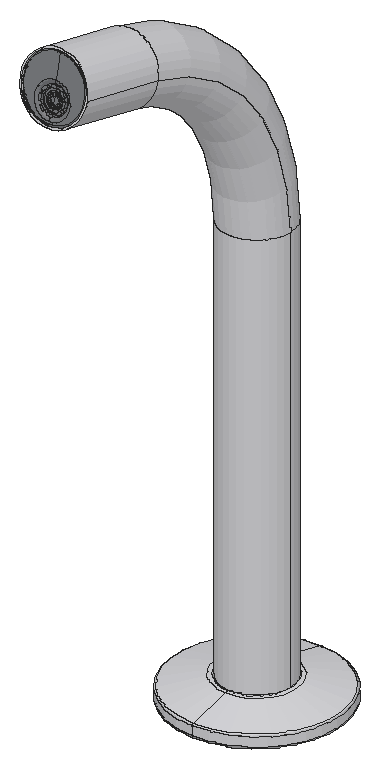
Revit family "Faucet-Touchless-Wall_Mount-Lavatory-KOHLER-Components-K-123MT39", category Plumbing Fixtures, host Face, Revit 2021
Family settings
  Host = Face
  Round Connector Dimension = Use Diameter
  Part Type = Normal
  OmniClass Number = 23.31.11.00
  OmniClass Title = Faucets
  Cut with Voids When Loaded = No
  Shared = No
  Room Calculation Point = No
Parameters (values of type "CP-Polished Chrome")
  Width = 2.3622"  # constant formula
  WaterSense Certified = 1 = 0  # no
  Waste Water Outlet = "Waste Water Outlet"  # constant formula
  Waste Connection = 1 = 0  # no
  Voltage = 220 V  # constant formula
  Vent Connection = 1 = 0  # no
  URL = "https://www.us.kohler.com/us/"
  Type = 1
  Spout Reach = 9.50394"  # constant formula
  Product Page URL = "http://www.us.kohler.com/us/catalog/productDetails.jsp?productNumber=123MT39-SANA"
  Product Name = "Components"  # constant formula
  Product Documentation Link = "https://www.us.kohler.com/webassets/kpna/catalog/pdf/en/K-123MT39-SANA_spec_US-CA_Kohler_en.pdf"
  Pressure = 0.00 psi
  Model = "K-123MT39-SANA-CP"  # constant formula
  Material = "Premium Metal Construction"  # constant formula
  Master Format 2014 Name = "Residential Faucets, Supplies, and Trim"  # constant formula
  Master Format 2014 = "22 41 39"  # constant formula
  Manufacturer Address = "444 Highland Dr, Kohler, WI 53044"  # constant formula
  Manufacturer = "Kohler Co."  # constant formula
  Length = Spout Reach  # 9.50394"
  Hot Water Inlet = "Hot Water Inlet"  # constant formula
  Height = 2.3622"  # constant formula
  HW Connection = 1 = 0  # no
  Flow Rate = 0.5 GPM  # constant formula
  Finish = Kohler-Metal-CP-Polished_Chrome
  Environmental Product Declaration = ""
  Electrical Note = "One Dedicated Circuit Required"  # constant formula
  Electrical Connector = 1 = 1  # yes
  Drain Included = 1 = 1  # yes
  Description = "Tube Wall Mount LL 0.5 GPM Base (AC)- Cold Only"  # constant formula
  Default Elevation = 36"
  Declare Label = ""
  Date Modified = "01/15/2023"  # constant formula
  Date Created = "01/15/2023"  # constant formula
  Copyright = "Copyright Kohler Co."  # constant formula
  Contact Us = "https://www.us.kohler.com/us/static/contact.jsp"
  Cold Water Inlet = "Cold Water Inlet"  # constant formula
  CW Connection = 1 = 1  # yes
  Assembly Code = "D2010"
  Apparent Load = 0 VA
  ADA Compliant = 1 = 0  # no
Reference planes (in)
  plane 1 "Center (Front/Back)": y = 0
  plane 2: z = 0
  plane 3 "Center (Left/Right)": x = 0
  plane 4: y = 1.1811024
  plane 5: x = 1.1811024
  plane 6: x = -1.1811024
  plane 7: y = -1.1811024
  plane 8: y = -3.7716535
  plane 9: x = -0.492126
  plane 10: x = 0.492126
  plane 11: y = -3.8278338
  plane 12: z = 10.1299213
  plane 13: z = 9.503937
  plane 14: z = 0.3307087
  plane 15: y = -0.6043788
Dimensions and locks (in)
  "Height": plane 4 to plane 7
  "Width": plane 6 to plane 5
  plane 1 "Center (Front/Back)" to plane 8 = 3.77165"
  "Length": plane 13 to level
  plane 9 to plane 10 = 0.98425"
  level to plane 12 = 10.12992"
  plane 14 to level = 0.33071"
  aligned and locked: plane 2 to host face
  aligned and locked: level to host face
  aligned and locked: plane 3 "Center (Left/Right)" to nested 1
  aligned and locked: plane 1 "Center (Front/Back)" to nested 1
  aligned and locked: plane 6 to nested 1
  aligned and locked: plane 5 to nested 1
  aligned and locked: plane 4 to nested 1
  aligned and locked: plane 7 to nested 1
  aligned and locked: plane 9 to nested 1
  aligned and locked: plane 10 to nested 1
  aligned and locked: plane 8 to nested 1
  aligned and locked: plane 11 to nested 1
Automatic sketch dimensions
  host sketch curve to host sketch curve = 96"  (x2)
Nested families (in)
  nested 1: "K-123MT39" at (0, 0, 0), type "K-123MT39"
Connectors (in)
  piping at (0, 0, 0), diameter 0.5, driven by "Flow Rate", driven by "CW Connection", driven by "Cold Water Inlet"
    settings: on nested 1, index 1, connector inside diameter 24", connector length 0", flow factor 0, pipe flow 0.5 GPM, pressure drop 0.00 psi, fitting loss kfactor 0, connector angle 0.00°, fixture units 0, engagement length 0", angle of deflection 0.00°, flow configuration 1, flow direction 1, fitting loss method 0, system type 20, joint type 0, gender type 0, connector reference index -1, connector utility 1, adjustable connector no, is connector primary yes, connector description "Cold Water Inlet"
  electrical at (0, -0.6043788, 0), driven by "Voltage", driven by "Electrical Connector", driven by "Electrical Note"
    settings: on nested 1, index 2, voltage 220 V, apparent load 0 VA, apparent load phase1 0 VA, apparent load phase2 0 VA, apparent load phase3 0 VA, power factor 1, load classification "Power", number of poles 1, system type 30, power factor state 1, is connector primary yes, connector utility yes, sub classification motor no, connector description "One Dedicated Circuit Required"
Definition of nested family "K-123MT39"
  Parameters
    Material = none
    Default Elevation = 0"
  Reference planes (in)
    plane 1 "Center (Front/Back)": y = 0
    plane 2: z = 0
    plane 3 "Center (Left/Right)": x = 0
    plane 4: x = -1.1811024
    plane 5: x = 1.1811024
    plane 6: y = 1.1811024
    plane 7: y = -1.1811024
    plane 8: z = 9.503937
    plane 9: y = -3.7716535
    plane 10: z = 0.3307087
    plane 11: z = 10.1299213
    plane 12: x = -0.492126
    plane 13: x = 0.492126
    plane 14: through (0, -2.4468864, 9.3616362) normal (0, 0.225, 0.9744)
    plane 15: through (0, -3.3798661, 9.4154888) normal (0, 0.225, 0.9744)
    plane 16: y = -3.8278338
    plane 17: y = -0.6043788
  Forms (in)
    Revolve 1, solid, material <- "Material", detail levels medium+fine
      sketch origin (0, 0, 0) x (0, 1, 0) y (0, 0, 1)
        loop
          line (0, 0) -> (1.1574803, 0)
          arc (1.1574803, 0) -> (1.1741836, 0.0069187) -> (1.1811024, 0.023622) r 0.023622
          line (1.1811024, 0.023622) -> (1.1811024, 0.1611535)
          arc (1.1811024, 0.1611535) -> (1.1760152, 0.175798) -> (1.1629448, 0.1841348) r 0.023622
          line (1.1629448, 0.1841348) -> (0.5731044, 0.3243876)
          arc (0.5731044, 0.3243876) -> (0.5446358, 0.3293159) -> (0.5157761, 0.3306836) r 0.2330353
          arc (0.5157761, 0.3306836) -> (0.5002779, 0.3240632) -> (0.4938857, 0.3084695) r 0.0222164
          line (0.4938857, 0.3084695) -> (0.4938857, 0.1338583) -> (0, 0.1338583) -> (0, 0)
        axis (0, 0) -> (0, 0.3306836)
      angle from 0 to 360
    Sweep 2, solid, material <- "Material", detail levels medium+fine
      path origin (0, 0, 0) x (0, 1, 0) y (0, 0, 1)
        loop
          line (0, 0.1978143) -> (0, 6.3001765)
          arc (0, 6.3001765) -> (-0.682305, 8.253998) -> (-2.4325649, 9.3583298) r 3.1385953
          line (-2.4325649, 9.3583298) -> (-3.7204724, 9.6556667)
      profile origin (0, 0, 3.2489954) x (1, 0, 0) y (0, 1, 0)
        loop
          circle (0, 0) r 0.492126
    Revolve 3, void
      sketch origin (0, -0.0849902, 1.9266238) x (0, 1, 0) y (0, 0, 1)
        loop
          line (-2.3096893, 7.4229595) -> (-2.2042591, 7.879628) -> (-3.8892823, 8.2686462) -> (-3.9947125, 7.8119778) -> (-2.3096893, 7.4229595)
        axis (-2.3096893, 7.4229595) -> (-3.9947125, 7.8119778)
      angle from 0 to 360
    Revolve 4, solid, detail levels medium+fine
      sketch origin (0, -0.0849902, 1.9266238) x (0, 1, 0) y (0, 0, 1)
        loop
          line (-2.3096893, 7.4229595) -> (-2.2052759, 7.8752237) -> (-3.5028282, 8.1747872)
          arc (-3.5028282, 8.1747872) -> (-3.5176878, 8.1723006) -> (-3.5264369, 8.1600349) r 0.019685
          line (-3.5264369, 8.1600349) -> (-3.6264221, 7.7269512) -> (-2.3096893, 7.4229595)
        axis (-2.3096893, 7.4229595) -> (-3.6264221, 7.7269512)
      angle from 0 to 360
    Revolve 5, void
      sketch origin (0, -0.3233803, 2.1200539) x (0, 1, 0) y (0, 0, 1)
        loop
          line (-3.177496, 7.3233724) -> (-3.1324654, 7.5184216) -> (-3.3211905, 7.5619922)
          arc (-3.3211905, 7.5619922) -> (-3.3577811, 7.588092) -> (-3.3651992, 7.6324208) r 0.0587237
          line (-3.3651992, 7.6324208) -> (-3.328428, 7.7916946) -> (-3.4660944, 7.8234774) -> (-3.5611063, 7.4119358) -> (-3.177496, 7.3233724)
        axis (-3.177496, 7.3233724) -> (-3.5611063, 7.4119358)
      angle from 0 to 360
    Revolve 6, solid, detail levels medium+fine
      sketch origin (0, -0.3678412, 1.9848282) x (0, 1, 0) y (0, 0, 1)
        loop
          line (-3.3060986, 7.7014786) -> (-3.3149413, 7.6598766) -> (-3.1089054, 7.6123095) -> (-3.099701, 7.653828) -> (-3.3060986, 7.7014786)
        axis (-3.1432925, 7.4633625) -> (-3.3500517, 7.5110967)
      angle from 0 to 360
    Extrusion 7, solid, detail levels medium+fine
      sketch origin (-0.0005115, -1.4958358, 1.2489174) x (1, 0, 0) y (0, 0.224951, 0.97437)
        loop
          arc (-0.0396235, 7.6904989) -> (-0.0000043, 7.6933186) -> (0.0396498, 7.6910406) r 0.3094737
          line (0.0396498, 7.6910406) -> (0.0396498, 7.7219586)
          arc (0.0396498, 7.7219586) -> (0.0000132, 7.7284816) -> (-0.0396235, 7.7219586) r 0.1236859
          line (-0.0396235, 7.7219586) -> (-0.0396235, 7.6904989)
        loop
          line (-0.0882402, 7.663237) -> (-0.1097349, 7.6854564)
          arc (-0.1097349, 7.6854564) -> (-0.1427584, 7.6625858) -> (-0.1667111, 7.6303386) r 0.1236859
          line (-0.1667111, 7.6303386) -> (-0.144835, 7.6077249)
          arc (-0.144835, 7.6077249) -> (-0.1183225, 7.6373006) -> (-0.0882402, 7.663237) r 0.3094737
        loop
          line (-0.1567322, 7.5726069) -> (-0.1876271, 7.5715009)
          arc (-0.1876271, 7.5715009) -> (-0.192728, 7.5316563) -> (-0.1847911, 7.4922784) r 0.1236859
          line (-0.1847911, 7.4922784) -> (-0.1533479, 7.493404)
          arc (-0.1533479, 7.493404) -> (-0.1575866, 7.5328966) -> (-0.1567322, 7.5726069) r 0.3094737
        loop
          arc (0.0882665, 7.663237) -> (0.1183488, 7.6373006) -> (0.1448613, 7.6077249) r 0.3094737
          line (0.1448613, 7.6077249) -> (0.1667374, 7.6303386)
          arc (0.1667374, 7.6303386) -> (0.1427847, 7.6625858) -> (0.1097612, 7.6854564) r 0.1236859
          line (0.1097612, 7.6854564) -> (0.0882665, 7.663237)
        loop
          arc (0.1567585, 7.5726069) -> (0.1576129, 7.5328966) -> (0.1533743, 7.493404) r 0.3094737
          line (0.1533743, 7.493404) -> (0.1848174, 7.4922784)
          arc (0.1848174, 7.4922784) -> (0.1927543, 7.5316563) -> (0.1876534, 7.5715009) r 0.1236859
          line (0.1876534, 7.5715009) -> (0.1567585, 7.5726069)
        loop
          line (-0.0396235, 7.382041) -> (-0.0396235, 7.3505813)
          arc (-0.0396235, 7.3505813) -> (0.0000132, 7.3440583) -> (0.0396498, 7.3505813) r 0.1236859
          line (0.0396498, 7.3505813) -> (0.0396498, 7.3814993)
          arc (0.0396498, 7.3814993) -> (-0.0000043, 7.3792213) -> (-0.0396235, 7.382041) r 0.3094737
        loop
          arc (-0.0836266, 7.4000756) -> (-0.1137088, 7.4260119) -> (-0.1402213, 7.4555876) r 0.3094737
          line (-0.1402213, 7.4555876) -> (-0.1620974, 7.432974)
          arc (-0.1620974, 7.432974) -> (-0.1381447, 7.4007268) -> (-0.1051212, 7.3778562) r 0.1236859
          line (-0.1051212, 7.3778562) -> (-0.0836266, 7.4000756)
        loop
          line (0.0851908, 7.4031513) -> (0.1066854, 7.380932)
          arc (0.1066854, 7.380932) -> (0.1397089, 7.4038026) -> (0.1636616, 7.4360498) r 0.1236859
          line (0.1636616, 7.4360498) -> (0.1417855, 7.4586634)
          arc (0.1417855, 7.4586634) -> (0.115273, 7.4290877) -> (0.0851908, 7.4031513) r 0.3094737
      from 3.8122786 to 4.0566325
    Revolve 8, solid, detail levels medium+fine
      sketch origin (0, -0.3911332, 2.0171446) x (0, 1, 0) y (0, 0, 1)
        loop
          line (-3.0904134, 7.5442751) -> (-3.0831434, 7.5757651) -> (-3.2838951, 7.6221123) -> (-3.2911651, 7.5906223) -> (-3.0904134, 7.5442751)
        axis (-3.1164926, 7.4313139) -> (-3.3172443, 7.4776611)
      angle from 0 to 360
    Revolve 9, solid, detail levels medium+fine
      sketch origin (0, 0.0050491, 0.0272177) x (0, 1, 0) y (0, 0, 1)
        loop
          line (-3.4896915, 9.5332704) -> (-3.681107, 9.5774622) -> (-3.7070047, 9.4652871) -> (-3.5155892, 9.4210953) -> (-3.4896915, 9.5332704)
        axis (-3.5155892, 9.4210953) -> (-3.7070047, 9.4652871)
      angle from 0 to 360
    Extrusion 10, void
      sketch origin (0.0030758, -2.2318006, -0.5809107) x (1, 0, 0) y (0, 0.224951, 0.97437)
        loop
          circle (-0.0005806, 9.387847) r 0.0098425
        loop
          circle (-0.034225, 9.3979399) r 0.0098425
        loop
          circle (-0.0634403, 9.4160409) r 0.0098425
        loop
          circle (-0.0847029, 9.4430424) r 0.0098425
        loop
          circle (0.0330638, 9.3979399) r 0.0098425
        loop
          circle (0.0622791, 9.4160409) r 0.0098425
        loop
          circle (0.0835417, 9.4430424) r 0.0098425
        loop
          circle (0.0024952, 9.4166566) r 0.0098425
        loop
          circle (-0.0318288, 9.4274789) r 0.0098425
        loop
          circle (-0.0537379, 9.4560314) r 0.0098425
        loop
          circle (0.0368192, 9.4274789) r 0.0098425
        loop
          circle (0.0587283, 9.4560314) r 0.0098425
        loop
          circle (-0.0005806, 9.5690782) r 0.0098425
        loop
          circle (-0.034225, 9.5589854) r 0.0098425
        loop
          circle (-0.0634403, 9.5408844) r 0.0098425
        loop
          circle (-0.0847029, 9.5138828) r 0.0098425
        loop
          circle (0.0330638, 9.5589854) r 0.0098425
        loop
          circle (0.0622791, 9.5408844) r 0.0098425
        loop
          circle (0.0835417, 9.5138828) r 0.0098425
        loop
          circle (0.0024952, 9.5402687) r 0.0098425
        loop
          circle (-0.0318288, 9.5294464) r 0.0098425
        loop
          circle (-0.0537379, 9.5008938) r 0.0098425
        loop
          circle (0.0368192, 9.5294464) r 0.0098425
        loop
          circle (0.0587283, 9.5008938) r 0.0098425
        loop
          circle (-0.0847029, 9.4781446) r 0.0098425
        loop
          circle (0.0835417, 9.4781446) r 0.0098425
      from 3.5353096 to 3.8021111
    Sweep 11, solid, material <- "Material", detail levels coarse
      path origin (0, 0, 0) x (0, 1, 0) y (0, 0, 1)
        loop
          line (0, 0.1978143) -> (0, 6.3001765)
          arc (0, 6.3001765) -> (-0.682305, 8.253998) -> (-2.4325649, 9.3583298) r 3.1385953
          line (-2.4325649, 9.3583298) -> (-3.7204724, 9.6556667)
      profile origin (0, 0, 3.2489954) x (1, 0, 0) y (0, 1, 0)
        loop
          circle (0, 0) r 0.492126
    Revolve 12, solid, material <- "Material", detail levels coarse
      sketch origin (0, 0, 0) x (0, 1, 0) y (0, 0, 1)
        loop
          line (0, 0) -> (1.1574803, 0)
          arc (1.1574803, 0) -> (1.1741836, 0.0069187) -> (1.1811024, 0.023622) r 0.023622
          line (1.1811024, 0.023622) -> (1.1811024, 0.1611535)
          arc (1.1811024, 0.1611535) -> (1.1760152, 0.175798) -> (1.1629448, 0.1841348) r 0.023622
          line (1.1629448, 0.1841348) -> (0.5731044, 0.3243876)
          arc (0.5731044, 0.3243876) -> (0.5446358, 0.3293159) -> (0.5157761, 0.3306836) r 0.2330353
          arc (0.5157761, 0.3306836) -> (0.5002779, 0.3240632) -> (0.4938857, 0.3084695) r 0.0222164
          line (0.4938857, 0.3084695) -> (0.4938857, 0.1338583) -> (0, 0.1338583) -> (0, 0)
        axis (0, 0) -> (0, 0.3306836)
      angle from 0 to 360
    Extrusion 13, solid, material <- "Material"
      sketch origin (0, 0, 0) x (1, 0, 0) y (0, 1, 0)
        loop
          circle (0, 0) r 0.0787402
      from 0 to 0.056147
    Extrusion 14, solid, material <- "Material"
      sketch origin (0, 0, 0) x (1, 0, 0) y (0, 1, 0)
        loop
          circle (0, -0.6043788) r 0.0787402
      from 0 to 0.0671266
  Cuts and joins
    Revolve 3 cuts Sweep 2
    Revolve 5 cuts Revolve 4
    Extrusion 10 cuts Revolve 9
  Lines and regions (in)
    Masking region 1
      outline origin (0, 0, 0) x (1, 0, 0) y (0, 1, 0)
        loop
          arc (0.492126, -1.0736921) -> (0.8894666, -0.7770791) -> (1.1300454, -0.3435116) r 1.1811024
          arc (1.1300454, -0.3435116) -> (1.1682616, -0.1816062) -> (1.1811024, -0.015748) r 1.0775782
          line (1.1811024, -0.015748) -> (1.1811024, 0.015748)
          arc (1.1811024, 0.015748) -> (1.1687961, 0.1779707) -> (1.1321588, 0.3364806) r 1.0753702
          arc (1.1321588, 0.3364806) -> (0.8294308, 0.8408611) -> (0.3209543, 1.1366579) r 1.1811024
          arc (0.3209543, 1.1366579) -> (0.1726674, 1.1699309) -> (0.0211045, 1.1811024) r 1.0337077
          line (0.0211045, 1.1811024) -> (-0.0103916, 1.1811024)
          arc (-0.0103916, 1.1811024) -> (-0.2150046, 1.1623256) -> (-0.4127827, 1.1066224) r 1.1242352
          arc (-0.4127827, 1.1066224) -> (-0.8588859, 0.8107514) -> (-1.1285652, 0.3483437) r 1.1811024
          arc (-1.1285652, 0.3483437) -> (-1.1678871, 0.1841078) -> (-1.1811024, 0.015748) r 1.0790464
          line (-1.1811024, 0.015748) -> (-1.1811024, -0.015748)
          arc (-1.1811024, -0.015748) -> (-1.1729323, -0.1465837) -> (-1.1485491, -0.2753866) r 1.05169
          arc (-1.1485491, -0.2753866) -> (-0.912292, -0.7501508) -> (-0.492126, -1.0736921) r 1.1811024
          line (-0.492126, -1.0736921) -> (-0.492126, -3.7141778)
          spline (-0.492126, -3.7141778) -> (-0.4888881, -3.7271874) -> (-0.4792172, -3.7400258) -> (-0.4632404, -3.752524) -> (-0.4411681, -3.7645176) -> (-0.4132906, -3.7758489) -> (-0.3799747, -3.7863687) -> (-0.3416589, -3.7959385) -> (-0.2988474, -3.8044324) -> (-0.2521035, -3.8117388) -> (-0.2020422, -3.8177613) -> (-0.1493223, -3.8224209) -> (-0.0946376, -3.8256561)
          arc (-0.0946376, -3.8256561) -> (-0.053918, -3.8272893) -> (-0.0131693, -3.8278338) r 1.5250192
          line (-0.0131693, -3.8278338) -> (0.0183267, -3.8278338)
          arc (0.0183267, -3.8278338) -> (0.0788202, -3.8266588) -> (0.1392224, -3.8231358) r 1.5579046
          spline (0.1392224, -3.8231358) -> (0.1888355, -3.8190807) -> (0.2362888, -3.8138257) -> (0.2810394, -3.8074309) -> (0.3225756, -3.7999695) -> (0.3604223, -3.7915269) -> (0.3941465, -3.7821996) -> (0.4233626, -3.7720942) -> (0.4477364, -3.7613265) -> (0.4669891, -3.7500194) -> (0.4809006, -3.7383024) -> (0.4893116, -3.7263095) -> (0.492126, -3.7141778)
          line (0.492126, -3.7141778) -> (0.492126, -1.0736921)
    Masking region 2
      outline origin (0, 0, 0) x (1, 0, 0) y (0, 0, 1)
        loop
          arc (1.1574803, 0) -> (1.1741836, 0.0069187) -> (1.1811024, 0.023622) r 0.023622
          line (1.1811024, 0.023622) -> (1.1811024, 0.160041)
          arc (1.1811024, 0.160041) -> (1.1759671, 0.1747461) -> (1.1627941, 0.1830576) r 0.023622
          line (1.1627941, 0.1830576) -> (0.5232472, 0.3307087) -> (0.492126, 0.3307087) -> (0.492126, 9.6379185)
          arc (0.492126, 9.6379185) -> (0.416648, 9.8998201) -> (0.2133662, 10.0813853) r 0.492126
          arc (0.2133662, 10.0813853) -> (0.1184789, 10.1176062) -> (0.0176627, 10.1299213) r 0.4188197
          line (0.0176627, 10.1299213) -> (-0.0138333, 10.1299213)
          arc (-0.0138333, 10.1299213) -> (-0.1441752, 10.1104615) -> (-0.2631493, 10.0537796) r 0.446247
          arc (-0.2631493, 10.0537796) -> (-0.4310978, 9.8752846) -> (-0.492126, 9.6379185) r 0.492126
          line (-0.492126, 9.6379185) -> (-0.492126, 0.3307087) -> (-0.5232472, 0.3307087) -> (-1.1627941, 0.1830576)
          arc (-1.1627941, 0.1830576) -> (-1.1759671, 0.1747461) -> (-1.1811024, 0.160041) r 0.023622
          line (-1.1811024, 0.160041) -> (-1.1811024, 0.023622)
          arc (-1.1811024, 0.023622) -> (-1.1741836, 0.0069187) -> (-1.1574803, 0) r 0.023622
          line (-1.1574803, 0) -> (1.1574803, 0)
    Masking region 3
      outline origin (0, 0, 0) x (0, 1, 0) y (0, 0, 1)
        loop
          line (-1.1574803, 0) -> (1.1574803, 0)
          arc (1.1574803, 0) -> (1.1741836, 0.0069187) -> (1.1811024, 0.023622) r 0.023622
          line (1.1811024, 0.023622) -> (1.1811024, 0.1658338)
          arc (1.1811024, 0.1658338) -> (1.1759671, 0.1805389) -> (1.1627941, 0.1888504) r 0.023622
          line (1.1627941, 0.1888504) -> (0.5483386, 0.3307087) -> (0.4923043, 0.3307087) -> (0.4923043, 6.2376856)
          arc (0.4923043, 6.2376856) -> (-0.3094163, 8.5402003) -> (-2.3678203, 9.8468384) r 3.7072331
          line (-2.3678203, 9.8468384) -> (-3.5739104, 10.1299213) -> (-3.6109821, 10.1299213) -> (-3.685261, 9.8081843) -> (-3.7124844, 9.761032) -> (-3.742985, 9.6289194) -> (-3.7359104, 9.5887976) -> (-3.7631338, 9.5416453) -> (-3.7793765, 9.4712905) -> (-3.7706005, 9.4385382) -> (-3.7978403, 9.3846581) -> (-3.8278338, 9.2547424) -> (-3.8278338, 9.1755593) -> (-2.6057837, 8.8934268)
          arc (-2.6057837, 8.8934268) -> (-1.0851096, 7.9339529) -> (-0.4923043, 6.2364189) r 2.7268981
          line (-0.4923043, 6.2364189) -> (-0.4923043, 0.3307087) -> (-0.5483386, 0.3307087) -> (-1.1627941, 0.1888504)
          arc (-1.1627941, 0.1888504) -> (-1.1759671, 0.1805389) -> (-1.1811024, 0.1658338) r 0.023622
          line (-1.1811024, 0.1658338) -> (-1.1811024, 0.023622)
          arc (-1.1811024, 0.023622) -> (-1.1741836, 0.0069187) -> (-1.1574803, 0) r 0.023622
    symbolic lines, detail levels medium+fine
      curve 1: spline (-0.0416184, -3.6793645, 0) -> (-0.0649554, -3.6804177, 0) -> (-0.0878325, -3.6819299, 0) -> (-0.1100871, -3.6838904, 0) -> (-0.131561, -3.6862853, 0) -> (-0.1521013, -3.6890975, 0) -> (-0.1715622, -3.6923071, 0) -> (-0.1898053, -3.6958911, 0) -> (-0.2067008, -3.6998242, 0) -> (-0.2221286, -3.7040784, 0) -> (-0.235979, -3.7086234, 0) -> (-0.2481536, -3.7134269, 0) -> (-0.2585657, -3.7184547, 0)
      curve 2: line (-0.0416184, -3.7202486, 0) -> (-0.0416184, -3.6793645, 0)
      curve 3: line (0.0433214, -3.7202486, 0) -> (0.0433214, -3.6794453, 0)
      curve 4: line (-0.0416184, -3.7202486, 0) -> (0.0433214, -3.7202486, 0)
      curve 5: spline (0.0433214, -3.6794453, 0) -> (0.039768, -3.6793198, 0) -> (0.036208, -3.6792049, 0) -> (0.0326421, -3.6791008, 0) -> (0.0290708, -3.6790073, 0) -> (0.0254948, -3.6789246, 0) -> (0.0219146, -3.6788526, 0) -> (0.0183307, -3.6787914, 0) -> (0.0147439, -3.678741, 0) -> (0.0111546, -3.6787013, 0) -> (0.0075634, -3.6786724, 0) -> (0.003971, -3.6786542, 0) -> (0.0003779, -3.6786469, 0)
      curve 6: arc (-0.0416184, -3.7056228, 0) -> (0.0008515, -3.7074904, 0) -> (0.0433214, -3.7056228, 0) r 0.4838157
      curve 7: line (-0.2144239, -3.7315888, 0) -> (-0.2144239, -3.7194024, 0)
      curve 8: line (-0.1238531, -3.7275205, 0) -> (-0.1238531, -3.6853653, 0)
      curve 9: arc (-0.2144239, -3.7315888, 0) -> (-0.1856764, -3.7261475, 0) -> (-0.1567555, -3.7217189, 0) r 0.8332684
      curve 10: line (-0.1567555, -3.7217189, 0) -> (-0.1567555, -3.6898135, 0)
      curve 11: line (-0.1567555, -3.7217189, 0) -> (-0.1238531, -3.7275205, 0)
      curve 12: line (-0.1829125, -3.7412026, 0) -> (-0.2144239, -3.7315888, 0)
      curve 13: line (-0.1829125, -3.7412026, 0) -> (-0.1238531, -3.7275205, 0)
      curve 14: line (-0.2167191, -3.7186773, 0) -> (-0.2167191, -3.7541139, 0)
      curve 15: line (-0.2167191, -3.7186773, 0) -> (-0.2589762, -3.7186773, 0)
      curve 16: line (-0.2195164, -3.7805312, 0) -> (-0.2456404, -3.7805312, 0)
      curve 17: spline (-0.2585657, -3.7184547, 0) -> (-0.2591978, -3.7187984, 0) -> (-0.2598215, -3.7191428, 0) -> (-0.2604371, -3.7194881, 0) -> (-0.2610443, -3.7198342, 0) -> (-0.2616432, -3.7201812, 0) -> (-0.2622338, -3.7205289, 0) -> (-0.2628161, -3.7208773, 0) -> (-0.2633899, -3.7212266, 0) -> (-0.2639554, -3.7215766, 0) -> (-0.2645125, -3.7219274, 0) -> (-0.2650612, -3.7222788, 0) -> (-0.2656014, -3.7226311, 0)
      curve 18: spline (-0.2656014, -3.7226311, 0) -> (-0.2711929, -3.7267221, 0) -> (-0.2756473, -3.7308899, 0) -> (-0.2789458, -3.7351167, 0) -> (-0.2810748, -3.739385, 0) -> (-0.2820251, -3.7436768, 0) -> (-0.2817929, -3.747974, 0) -> (-0.280379, -3.7522587, 0) -> (-0.2777895, -3.7565129, 0) -> (-0.2740352, -3.7607186, 0) -> (-0.2691319, -3.7648583, 0) -> (-0.2631001, -3.7689146, 0) -> (-0.2559652, -3.7728704, 0)
      curve 19: line (-0.2549942, -3.7582542, 0) -> (-0.2208594, -3.7582542, 0)
      curve 20: arc (-0.2603137, -3.7529348, 0) -> (-0.2587557, -3.7566962, 0) -> (-0.2549942, -3.7582542, 0) r 0.0053195
      curve 21: arc (-0.2208594, -3.7582542, 0) -> (-0.2179318, -3.7570415, 0) -> (-0.2167191, -3.7541139, 0) r 0.0041403
      curve 22: arc (-0.2167191, -3.7541139, 0) -> (-0.2197365, -3.7649638, 0) -> (-0.2168233, -3.7758422, 0) r 0.0213849
      curve 23: arc (-0.2168233, -3.7758422, 0) -> (-0.2168127, -3.7789662, 0) -> (-0.2195164, -3.7805312, 0) r 0.0031179
      curve 24: arc (-0.2603137, -3.7529348, 0) -> (-0.260627, -3.7653067, 0) -> (-0.2541335, -3.7758422, 0) r 0.021725
      curve 25: spline (-0.2381971, -3.7805312, 0) -> (-0.2351917, -3.781622, 0) -> (-0.2320959, -3.7826987, 0) -> (-0.2289112, -3.783761, 0) -> (-0.2256386, -3.7848083, 0) -> (-0.2222794, -3.7858403, 0) -> (-0.2188349, -3.7868567, 0) -> (-0.2153065, -3.787857, 0) -> (-0.2116955, -3.7888408, 0) -> (-0.2080033, -3.7898077, 0) -> (-0.2042312, -3.7907574, 0) -> (-0.2003809, -3.7916896, 0) -> (-0.1964536, -3.7926038, 0)
      curve 26: line (-0.2603137, -3.7529348, 0) -> (-0.2167191, -3.752982, 0)
      curve 27: line (-0.2168233, -3.7758422, 0) -> (-0.2541335, -3.7758422, 0)
      curve 28: arc (-0.2541335, -3.7758422, 0) -> (-0.2501521, -3.7786669, 0) -> (-0.2456404, -3.7805312, 0) r 0.021725
      curve 29: spline (-0.1238531, -3.7044819, 0) -> (-0.1178036, -3.7036123, 0) -> (-0.1115747, -3.7027867, 0) -> (-0.1051759, -3.7020066, 0) -> (-0.0986169, -3.7012729, 0) -> (-0.0919077, -3.7005869, 0) -> (-0.0850585, -3.6999496, 0) -> (-0.0780796, -3.699362, 0) -> (-0.0709818, -3.6988249, 0) -> (-0.0637757, -3.6983392, 0) -> (-0.0564724, -3.6979055, 0) -> (-0.0490828, -3.6975247, 0) -> (-0.0416184, -3.6971972, 0)
      curve 30: spline (0.0003779, -3.6786469, 0) -> (-0.0031342, -3.6786501, 0) -> (-0.0066459, -3.6786637, 0) -> (-0.0101566, -3.6786875, 0) -> (-0.0136657, -3.6787217, 0) -> (-0.0171728, -3.6787661, 0) -> (-0.0206772, -3.6788208, 0) -> (-0.0241785, -3.6788858, 0) -> (-0.0276761, -3.6789611, 0) -> (-0.0311694, -3.6790466, 0) -> (-0.0346579, -3.6791423, 0) -> (-0.0381411, -3.6792483, 0) -> (-0.0416184, -3.6793645, 0)
      curve 31: line (0.1243441, -3.7275205, 0) -> (0.1243441, -3.6853653, 0)
      curve 32: arc (0.2149149, -3.7315888, 0) -> (0.1861674, -3.7261475, 0) -> (0.1572465, -3.7217189, 0) r 0.8332684
      curve 33: line (0.1572465, -3.7217189, 0) -> (0.1572465, -3.6898135, 0)
      curve 34: line (0.1572465, -3.7217189, 0) -> (0.1243441, -3.7275205, 0)
      curve 35: line (0.1834035, -3.7412026, 0) -> (0.2149149, -3.7315888, 0)
      curve 36: line (0.1834035, -3.7412026, 0) -> (0.1243441, -3.7275205, 0)
      curve 37: line (0.2172101, -3.7186773, 0) -> (0.2172101, -3.7541139, 0)
      curve 38: line (0.2172101, -3.7186773, 0) -> (0.2594672, -3.7186773, 0)
      curve 39: spline (0.2594672, -3.7186773, 0) -> (0.2666621, -3.7230094, 0) -> (0.2725496, -3.7274495, 0) -> (0.2771009, -3.7319758, 0) -> (0.2802935, -3.7365661, 0) -> (0.2821117, -3.7411978, 0) -> (0.2825466, -3.745848, 0) -> (0.2815961, -3.750494, 0) -> (0.2792648, -3.7551129, 0) -> (0.2755642, -3.759682, 0) -> (0.2705125, -3.7641789, 0) -> (0.2641345, -3.7685813, 0) -> (0.2564616, -3.7728677, 0)
      curve 40: line (0.2554853, -3.7582542, 0) -> (0.2213504, -3.7582542, 0)
      curve 41: line (0.2608047, -3.7529348, 0) -> (0.2172101, -3.752982, 0)
      curve 42: line (0.2173143, -3.7758422, 0) -> (0.2546245, -3.7758422, 0)
      curve 43: arc (0.2546245, -3.7758422, 0) -> (0.2506431, -3.7786669, 0) -> (0.2461314, -3.7805312, 0) r 0.021725
      curve 44: spline (0.2386881, -3.7805312, 0) -> (0.2356827, -3.781622, 0) -> (0.2325869, -3.7826987, 0) -> (0.2294022, -3.783761, 0) -> (0.2261296, -3.7848083, 0) -> (0.2227704, -3.7858403, 0) -> (0.2193259, -3.7868567, 0) -> (0.2157975, -3.787857, 0) -> (0.2121865, -3.7888408, 0) -> (0.2084943, -3.7898077, 0) -> (0.2047222, -3.7907574, 0) -> (0.2008719, -3.7916896, 0) -> (0.1969446, -3.7926038, 0)
      curve 45: line (0.2200074, -3.7805312, 0) -> (0.2461314, -3.7805312, 0)
      curve 46: arc (0.2172101, -3.7541139, 0) -> (0.2202275, -3.7649638, 0) -> (0.2173143, -3.7758422, 0) r 0.0213849
      curve 47: arc (0.2608047, -3.7529348, 0) -> (0.2592467, -3.7566962, 0) -> (0.2554853, -3.7582542, 0) r 0.0053195
      curve 48: arc (0.2213504, -3.7582542, 0) -> (0.2184228, -3.7570415, 0) -> (0.2172101, -3.7541139, 0) r 0.0041403
      curve 49: arc (0.2608047, -3.7529348, 0) -> (0.261118, -3.7653067, 0) -> (0.2546245, -3.7758422, 0) r 0.021725
      curve 50: arc (0.2173143, -3.7758422, 0) -> (0.2173037, -3.7789662, 0) -> (0.2200074, -3.7805312, 0) r 0.0031179
      curve 51: spline (0.0421094, -3.6793645, 0) -> (0.06553, -3.6804223, 0) -> (0.0884868, -3.6819425, 0) -> (0.1108154, -3.6839141, 0) -> (0.1323559, -3.686323, 0) -> (0.152954, -3.6891521, 0) -> (0.1724622, -3.6923809, 0) -> (0.1907409, -3.6959864, 0) -> (0.207659, -3.6999428, 0) -> (0.2230955, -3.7042218, 0) -> (0.2369397, -3.7087927, 0) -> (0.2490927, -3.7136227, 0) -> (0.2594672, -3.7186773, 0)
      curve 52: spline (0.0433214, -3.6972465, 0) -> (0.0506746, -3.6975778, 0) -> (0.0579531, -3.6979609, 0) -> (0.0651464, -3.6983953, 0) -> (0.0722436, -3.6988803, 0) -> (0.0792344, -3.6994153, 0) -> (0.0861084, -3.6999993, 0) -> (0.0928554, -3.7006316, 0) -> (0.0994655, -3.7013113, 0) -> (0.1059288, -3.7020372, 0) -> (0.1122359, -3.7028084, 0) -> (0.1183773, -3.7036237, 0) -> (0.1243441, -3.7044819, 0)
      curve 53: spline (0.1792423, -3.7477245, 0) -> (0.1605776, -3.7536738, 0) -> (0.1361567, -3.7588678, 0) -> (0.1068563, -3.7631198, 0) -> (0.0737284, -3.7662773, 0) -> (0.0379623, -3.7682269, 0) -> (0.000842, -3.7688986, 0) -> (-0.0362996, -3.7682684, 0) -> (-0.0721292, -3.7663587, 0) -> (-0.1053604, -3.7632383, 0) -> (-0.1348002, -3.759019, 0) -> (-0.1593915, -3.7538525, 0) -> (-0.1782515, -3.7479241, 0)
      curve 54: spline (-0.1782515, -3.7479241, 0) -> (-0.1802586, -3.7471023, 0) -> (-0.1821543, -3.7462716, 0) -> (-0.1839373, -3.7454325, 0) -> (-0.1856066, -3.7445855, 0) -> (-0.1871612, -3.7437311, 0) -> (-0.1886001, -3.7428698, 0) -> (-0.1899223, -3.7420023, 0) -> (-0.1911272, -3.7411289, 0) -> (-0.1922139, -3.7402503, 0) -> (-0.1931817, -3.739367, 0) -> (-0.1940302, -3.7384795, 0) -> (-0.1947586, -3.7375885, 0)
      curve 55: spline (0.1952496, -3.7375885, 0) -> (0.1945372, -3.7384615, 0) -> (0.1937095, -3.739331, 0) -> (0.1927673, -3.7401966, 0) -> (0.1917109, -3.7410577, 0) -> (0.1905411, -3.7419138, 0) -> (0.1892586, -3.7427644, 0) -> (0.187864, -3.743609, 0) -> (0.1863583, -3.7444471, 0) -> (0.1847422, -3.7452782, 0) -> (0.1830169, -3.7461018, 0) -> (0.1811832, -3.7469174, 0) -> (0.1792423, -3.7477245, 0)
      curve 56: spline (0.2149149, -3.7194024, 0) -> (0.2161871, -3.7218177, 0) -> (0.2169527, -3.7242445, 0) -> (0.2172101, -3.726677, 0) -> (0.2169585, -3.7291095, 0) -> (0.2161986, -3.7315363, 0) -> (0.2149322, -3.7339518, 0) -> (0.2131622, -3.7363503, 0) -> (0.2108928, -3.7387261, 0) -> (0.2081292, -3.7410736, 0) -> (0.2048781, -3.7433874, 0) -> (0.201147, -3.7456621, 0) -> (0.1969446, -3.7478923, 0)
      curve 57: line (-0.2144239, -3.7194024, 0) -> (-0.2144239, -3.701863, 0)
      curve 58: line (0.2149149, -3.7315888, 0) -> (0.2149149, -3.701863, 0)
      curve 59: spline (-0.1142228, -3.7105461, 0) -> (-0.1131405, -3.7094581, 0) -> (-0.1099673, -3.7084442, 0) -> (-0.1049196, -3.7075735, 0) -> (-0.0983413, -3.7069054, 0) -> (-0.0906806, -3.7064855, 0) -> (-0.0824598, -3.7063422, 0) -> (-0.0742389, -3.7064855, 0) -> (-0.0665782, -3.7069054, 0) -> (-0.0599999, -3.7075735, 0) -> (-0.0549522, -3.7084442, 0) -> (-0.051779, -3.7094581, 0) -> (-0.0506967, -3.7105461, 0) -> (-0.051779, -3.7116342, 0) -> (-0.0549522, -3.7126481, 0) -> (-0.0599999, -3.7135188, 0) -> (-0.0665782, -3.7141868, 0) -> (-0.0742389, -3.7146068, 0) -> (-0.0824598, -3.7147501, 0) -> (-0.0906806, -3.7146068, 0) -> (-0.0983413, -3.7141868, 0) -> (-0.1049196, -3.7135188, 0) -> (-0.1099673, -3.7126481, 0) -> (-0.1131405, -3.7116342, 0) -> (-0.1142228, -3.7105461, 0)
      curve 60: spline (-0.1466864, -3.7430098, 0) -> (-0.1456041, -3.7419217, 0) -> (-0.142431, -3.7409078, 0) -> (-0.1373833, -3.7400372, 0) -> (-0.1308049, -3.7393691, 0) -> (-0.1231443, -3.7389491, 0) -> (-0.1149234, -3.7388059, 0) -> (-0.1067025, -3.7389491, 0) -> (-0.0990419, -3.7393691, 0) -> (-0.0924636, -3.7400372, 0) -> (-0.0874158, -3.7409078, 0) -> (-0.0842427, -3.7419217, 0) -> (-0.0831604, -3.7430098, 0) -> (-0.0842427, -3.7440979, 0) -> (-0.0874158, -3.7451118, 0) -> (-0.0924636, -3.7459824, 0) -> (-0.0990419, -3.7466505, 0) -> (-0.1067025, -3.7470705, 0) -> (-0.1149234, -3.7472137, 0) -> (-0.1231443, -3.7470705, 0) -> (-0.1308049, -3.7466505, 0) -> (-0.1373833, -3.7459824, 0) -> (-0.142431, -3.7451118, 0) -> (-0.1456041, -3.7440979, 0) -> (-0.1466864, -3.7430098, 0)
      curve 61: spline (-0.0822231, -3.7350947, 0) -> (-0.0811408, -3.7340066, 0) -> (-0.0779676, -3.7329927, 0) -> (-0.0729199, -3.7321221, 0) -> (-0.0663415, -3.731454, 0) -> (-0.0586809, -3.731034, 0) -> (-0.05046, -3.7308908, 0) -> (-0.0422392, -3.731034, 0) -> (-0.0345785, -3.731454, 0) -> (-0.0280002, -3.7321221, 0) -> (-0.0229525, -3.7329927, 0) -> (-0.0197793, -3.7340066, 0) -> (-0.018697, -3.7350947, 0) -> (-0.0197793, -3.7361828, 0) -> (-0.0229525, -3.7371967, 0) -> (-0.0280002, -3.7380673, 0) -> (-0.0345785, -3.7387354, 0) -> (-0.0422392, -3.7391554, 0) -> (-0.05046, -3.7392986, 0) -> (-0.0586809, -3.7391554, 0) -> (-0.0663415, -3.7387354, 0) -> (-0.0729199, -3.7380673, 0) -> (-0.0779676, -3.7371967, 0) -> (-0.0811408, -3.7361828, 0) -> (-0.0822231, -3.7350947, 0)
      curve 62: spline (-0.0725677, -3.7558007, 0) -> (-0.0714854, -3.7547127, 0) -> (-0.0683122, -3.7536988, 0) -> (-0.0632645, -3.7528281, 0) -> (-0.0566862, -3.75216, 0) -> (-0.0490255, -3.7517401, 0) -> (-0.0408047, -3.7515968, 0) -> (-0.0325838, -3.7517401, 0) -> (-0.0249231, -3.75216, 0) -> (-0.0183448, -3.7528281, 0) -> (-0.0132971, -3.7536988, 0) -> (-0.0101239, -3.7547127, 0) -> (-0.0090416, -3.7558007, 0) -> (-0.0101239, -3.7568888, 0) -> (-0.0132971, -3.7579027, 0) -> (-0.0183448, -3.7587734, 0) -> (-0.0249231, -3.7594414, 0) -> (-0.0325838, -3.7598614, 0) -> (-0.0408047, -3.7600047, 0) -> (-0.0490255, -3.7598614, 0) -> (-0.0566862, -3.7594414, 0) -> (-0.0632645, -3.7587734, 0) -> (-0.0683122, -3.7579027, 0) -> (-0.0714854, -3.7568888, 0) -> (-0.0725677, -3.7558007, 0)
      curve 63: spline (0.0078245, -3.7558007, 0) -> (0.0089068, -3.7547127, 0) -> (0.0120799, -3.7536988, 0) -> (0.0171277, -3.7528281, 0) -> (0.023706, -3.75216, 0) -> (0.0313666, -3.7517401, 0) -> (0.0395875, -3.7515968, 0) -> (0.0478084, -3.7517401, 0) -> (0.055469, -3.75216, 0) -> (0.0620473, -3.7528281, 0) -> (0.0670951, -3.7536988, 0) -> (0.0702682, -3.7547127, 0) -> (0.0713505, -3.7558007, 0) -> (0.0702682, -3.7568888, 0) -> (0.0670951, -3.7579027, 0) -> (0.0620473, -3.7587734, 0) -> (0.055469, -3.7594414, 0) -> (0.0478084, -3.7598614, 0) -> (0.0395875, -3.7600047, 0) -> (0.0313666, -3.7598614, 0) -> (0.023706, -3.7594414, 0) -> (0.0171277, -3.7587734, 0) -> (0.0120799, -3.7579027, 0) -> (0.0089068, -3.7568888, 0) -> (0.0078245, -3.7558007, 0)
      curve 64: spline (0.0078245, -3.7353026, 0) -> (0.0089068, -3.7342145, 0) -> (0.0120799, -3.7332006, 0) -> (0.0171277, -3.73233, 0) -> (0.023706, -3.7316619, 0) -> (0.0313666, -3.7312419, 0) -> (0.0395875, -3.7310987, 0) -> (0.0478084, -3.7312419, 0) -> (0.055469, -3.7316619, 0) -> (0.0620473, -3.73233, 0) -> (0.0670951, -3.7332006, 0) -> (0.0702682, -3.7342145, 0) -> (0.0713505, -3.7353026, 0) -> (0.0702682, -3.7363907, 0) -> (0.0670951, -3.7374046, 0) -> (0.0620473, -3.7382752, 0) -> (0.055469, -3.7389433, 0) -> (0.0478084, -3.7393633, 0) -> (0.0395875, -3.7395065, 0) -> (0.0313666, -3.7393633, 0) -> (0.023706, -3.7389433, 0) -> (0.0171277, -3.7382752, 0) -> (0.0120799, -3.7374046, 0) -> (0.0089068, -3.7363907, 0) -> (0.0078245, -3.7353026, 0)
      curve 65: spline (0.0545445, -3.7154711, 0) -> (0.0556268, -3.7143831, 0) -> (0.0588, -3.7133692, 0) -> (0.0638477, -3.7124985, 0) -> (0.070426, -3.7118304, 0) -> (0.0780867, -3.7114104, 0) -> (0.0863076, -3.7112672, 0) -> (0.0945284, -3.7114104, 0) -> (0.1021891, -3.7118304, 0) -> (0.1087674, -3.7124985, 0) -> (0.1138151, -3.7133692, 0) -> (0.1169883, -3.7143831, 0) -> (0.1180706, -3.7154711, 0) -> (0.1169883, -3.7165592, 0) -> (0.1138151, -3.7175731, 0) -> (0.1087674, -3.7184437, 0) -> (0.1021891, -3.7191118, 0) -> (0.0945284, -3.7195318, 0) -> (0.0863076, -3.719675, 0) -> (0.0780867, -3.7195318, 0) -> (0.070426, -3.7191118, 0) -> (0.0638477, -3.7184437, 0) -> (0.0588, -3.7175731, 0) -> (0.0556268, -3.7165592, 0) -> (0.0545445, -3.7154711, 0)
      curve 66: spline (0.0856419, -3.7465685, 0) -> (0.0867242, -3.7454805, 0) -> (0.0898974, -3.7444666, 0) -> (0.0949451, -3.7435959, 0) -> (0.1015234, -3.7429278, 0) -> (0.1091841, -3.7425078, 0) -> (0.1174049, -3.7423646, 0) -> (0.1256258, -3.7425078, 0) -> (0.1332865, -3.7429278, 0) -> (0.1398648, -3.7435959, 0) -> (0.1449125, -3.7444666, 0) -> (0.1480857, -3.7454805, 0) -> (0.149168, -3.7465685, 0) -> (0.1480857, -3.7476566, 0) -> (0.1449125, -3.7486705, 0) -> (0.1398648, -3.7495411, 0) -> (0.1332865, -3.7502092, 0) -> (0.1256258, -3.7506292, 0) -> (0.1174049, -3.7507724, 0) -> (0.1091841, -3.7506292, 0) -> (0.1015234, -3.7502092, 0) -> (0.0949451, -3.7495411, 0) -> (0.0898974, -3.7486705, 0) -> (0.0867242, -3.7476566, 0) -> (0.0856419, -3.7465685, 0)
      curve 67: line (-0.1964536, -3.7478923, 0) -> (-0.1964536, -3.8010219, 0)
      curve 68: line (-0.1292786, -3.7669963, 0) -> (-0.1292786, -3.8094775, 0)
      curve 69: line (-0.1964536, -3.8010219, 0) -> (-0.1653214, -3.79268, 0)
      curve 70: line (-0.1653214, -3.79268, 0) -> (-0.1653214, -3.7591598, 0)
      curve 71: spline (-0.1292786, -3.8039585, 0) -> (-0.1213191, -3.8048862, 0) -> (-0.1132394, -3.8057543, 0) -> (-0.1050475, -3.8065621, 0) -> (-0.0967516, -3.8073088, 0) -> (-0.0883598, -3.8079935, 0) -> (-0.0798805, -3.8086156, 0) -> (-0.0713221, -3.8091745, 0) -> (-0.0626932, -3.8096697, 0) -> (-0.0540022, -3.8101006, 0) -> (-0.0452579, -3.8104668, 0) -> (-0.0364689, -3.8107679, 0) -> (-0.027644, -3.8110038, 0)
      curve 72: line (-0.1292786, -3.8094775, 0) -> (-0.1653214, -3.79268, 0)
      curve 73: line (0.1969446, -3.7478923, 0) -> (0.1969446, -3.8010219, 0)
      curve 74: line (0.1297696, -3.7669963, 0) -> (0.1297696, -3.8094775, 0)
      curve 75: arc (0.1969446, -3.8010219, 0) -> (0.1637803, -3.8086121, 0) -> (0.1297696, -3.8094775, 0) r 0.1707711
      curve 76: line (0.1969446, -3.8010219, 0) -> (0.1658124, -3.79268, 0)
      curve 77: line (0.1658124, -3.79268, 0) -> (0.1658124, -3.7591598, 0)
      curve 78: line (0.1297696, -3.8094775, 0) -> (0.1658124, -3.79268, 0)
      curve 79: spline (0.1297696, -3.8039585, 0) -> (0.1218101, -3.8048862, 0) -> (0.1137304, -3.8057543, 0) -> (0.1055385, -3.8065621, 0) -> (0.0972426, -3.8073088, 0) -> (0.0888508, -3.8079935, 0) -> (0.0803715, -3.8086156, 0) -> (0.0718131, -3.8091745, 0) -> (0.0631842, -3.8096697, 0) -> (0.0544932, -3.8101006, 0) -> (0.0457489, -3.8104668, 0) -> (0.0369599, -3.8107679, 0) -> (0.028135, -3.8110038, 0)
      curve 80: line (-0.027644, -3.7765144, 0) -> (-0.027644, -3.8234266, 0)
      curve 81: line (0.028135, -3.7765144, 0) -> (0.028135, -3.8234266, 0)
      curve 82: arc (-0.027644, -3.8234266, 0) -> (0.0002455, -3.8255753, 0) -> (0.028135, -3.8234266, 0) r 0.1820752
      curve 83: arc (-0.027644, -3.8062372, 0) -> (0.0002455, -3.8075802, 0) -> (0.028135, -3.8062372, 0) r 0.2902728
      curve 84: line (-0.2603137, -3.7194185, 0) -> (-0.2603137, -3.7529348, 0)
      curve 85: line (0.2608047, -3.7194185, 0) -> (0.2608047, -3.7529348, 0)
      curve 86: circle (0.0002455, -3.2831067, 0) r 0.022822 normal (0, 0, 1)
      curve 87: arc (-0.0377415, -3.2871726, 0) -> (0.0004008, -3.3217687, 0) -> (0.0382601, -3.2868633, 0) r 0.0381531
      curve 88: arc (-0.0507038, -3.288481, 0) -> (-0.0005616, -3.3347907, 0) -> (0.0510161, -3.2900852, 0) r 0.0511811
      curve 89: arc (-0.0507038, -3.288481, 0) -> (-0.0448816, -3.2812985, 0) -> (-0.0377415, -3.2871726, 0) r 0.0065143
      curve 90: arc (0.0382601, -3.2868633, 0) -> (0.0465341, -3.2809678, 0) -> (0.0510161, -3.2900852, 0) r 0.0066658
      curve 91: arc (-0.0651458, -3.2855045, 0) -> (-0.0009213, -3.3492878, 0) -> (0.0655375, -3.2878359, 0) r 0.0654113
      curve 92: arc (-0.0784653, -3.2860418, 0) -> (-0.0005404, -3.3626233, 0) -> (0.0788976, -3.2876125, 0) r 0.0787403
      curve 93: arc (-0.0784653, -3.2860418, 0) -> (-0.0720784, -3.2790088, 0) -> (-0.0651458, -3.2855045, 0) r 0.006666
      curve 94: arc (0.0655375, -3.2878359, 0) -> (0.0721141, -3.2815405, 0) -> (0.0788976, -3.2876125, 0) r 0.0067009
      curve 95: spline (-0.1964536, -3.7478923, 0) -> (-0.200656, -3.7456621, 0) -> (-0.2043871, -3.7433874, 0) -> (-0.2076382, -3.7410736, 0) -> (-0.2104017, -3.7387261, 0) -> (-0.2126712, -3.7363503, 0) -> (-0.2144412, -3.7339518, 0) -> (-0.2157076, -3.7315363, 0) -> (-0.2164675, -3.7291095, 0) -> (-0.2167191, -3.726677, 0) -> (-0.2164617, -3.7242445, 0) -> (-0.2156961, -3.7218177, 0) -> (-0.2144239, -3.7194024, 0)
      curve 96: spline (-0.1653214, -3.7591598, 0) -> (-0.1684005, -3.7582987, 0) -> (-0.171396, -3.7574219, 0) -> (-0.1743066, -3.7565299, 0) -> (-0.1771308, -3.7556231, 0) -> (-0.1798671, -3.754702, 0) -> (-0.1825142, -3.753767, 0) -> (-0.1850708, -3.7528187, 0) -> (-0.1875356, -3.7518573, 0) -> (-0.1899075, -3.7508835, 0) -> (-0.1921852, -3.7498978, 0) -> (-0.1943676, -3.7489005, 0) -> (-0.1964536, -3.7478923, 0)
      curve 97: spline (-0.1292786, -3.7669963, 0) -> (-0.1325674, -3.7664183, 0) -> (-0.1358082, -3.7658259, 0) -> (-0.1389997, -3.7652192, 0) -> (-0.1421408, -3.7645987, 0) -> (-0.1452303, -3.7639644, 0) -> (-0.1482671, -3.7633166, 0) -> (-0.1512501, -3.7626555, 0) -> (-0.1541783, -3.7619815, 0) -> (-0.1570505, -3.7612946, 0) -> (-0.1598658, -3.7605952, 0) -> (-0.1626231, -3.7598835, 0) -> (-0.1653214, -3.7591598, 0)
      curve 98: spline (-0.027644, -3.7765144, 0) -> (-0.0367754, -3.7761944, 0) -> (-0.0458397, -3.7757847, 0) -> (-0.0548206, -3.7752861, 0) -> (-0.0637016, -3.7746994, 0) -> (-0.0724668, -3.7740258, 0) -> (-0.0811003, -3.7732664, 0) -> (-0.0895864, -3.7724225, 0) -> (-0.0979096, -3.7714959, 0) -> (-0.1060551, -3.770488, 0) -> (-0.1140079, -3.7694008, 0) -> (-0.1217538, -3.7682362, 0) -> (-0.1292786, -3.7669963, 0)
      curve 99: spline (0.028135, -3.7765144, 0) -> (0.0235064, -3.7766416, 0) -> (0.0188671, -3.7767458, 0) -> (0.0142193, -3.7768269, 0) -> (0.0095649, -3.7768848, 0) -> (0.0049063, -3.7769196, 0) -> (0.0002455, -3.7769312, 0) -> (-0.0044153, -3.7769196, 0) -> (-0.0090739, -3.7768848, 0) -> (-0.0137283, -3.7768269, 0) -> (-0.0183761, -3.7767458, 0) -> (-0.0230154, -3.7766416, 0) -> (-0.027644, -3.7765144, 0)
      curve 100: spline (0.1297696, -3.7669963, 0) -> (0.1222448, -3.7682362, 0) -> (0.1144989, -3.7694008, 0) -> (0.1065461, -3.770488, 0) -> (0.0984007, -3.7714959, 0) -> (0.0900774, -3.7724225, 0) -> (0.0815913, -3.7732664, 0) -> (0.0729578, -3.7740258, 0) -> (0.0641926, -3.7746994, 0) -> (0.0553116, -3.7752861, 0) -> (0.0463307, -3.7757847, 0) -> (0.0372664, -3.7761944, 0) -> (0.028135, -3.7765144, 0)
      curve 101: spline (0.1658124, -3.7591598, 0) -> (0.1631141, -3.7598835, 0) -> (0.1603568, -3.7605952, 0) -> (0.1575415, -3.7612946, 0) -> (0.1546693, -3.7619815, 0) -> (0.1517411, -3.7626555, 0) -> (0.1487581, -3.7633166, 0) -> (0.1457213, -3.7639644, 0) -> (0.1426318, -3.7645987, 0) -> (0.1394907, -3.7652192, 0) -> (0.1362992, -3.7658259, 0) -> (0.1330584, -3.7664183, 0) -> (0.1297696, -3.7669963, 0)
      curve 102: spline (0.1969446, -3.7478923, 0) -> (0.1948586, -3.7489005, 0) -> (0.1926762, -3.7498978, 0) -> (0.1903985, -3.7508835, 0) -> (0.1880266, -3.7518573, 0) -> (0.1855618, -3.7528187, 0) -> (0.1830052, -3.753767, 0) -> (0.1803581, -3.754702, 0) -> (0.1776218, -3.7556231, 0) -> (0.1747976, -3.7565299, 0) -> (0.171887, -3.7574219, 0) -> (0.1688915, -3.7582987, 0) -> (0.1658124, -3.7591598, 0)
      curve 103: spline (-0.492126, -3.7141778, 0) -> (-0.4753572, -3.6847615, 0) -> (-0.4261936, -3.6573499, 0) -> (-0.3479856, -3.633811, 0) -> (-0.246063, -3.6157489, 0) -> (-0.1273716, -3.6043947, 0) -> (0, -3.6005219, 0) -> (0.1273716, -3.6043947, 0) -> (0.246063, -3.6157489, 0) -> (0.3479856, -3.633811, 0) -> (0.4261936, -3.6573499, 0) -> (0.4753572, -3.6847615, 0) -> (0.492126, -3.7141778, 0)
      curve 104: spline (-0.2358309, -3.7977457, 0) -> (-0.2322028, -3.7981545, 0) -> (-0.2285572, -3.7985569, 0) -> (-0.2248942, -3.7989529, 0) -> (-0.2212143, -3.7993425, 0) -> (-0.2175176, -3.7997256, 0) -> (-0.2138045, -3.8001023, 0) -> (-0.2100751, -3.8004725, 0) -> (-0.2063299, -3.8008362, 0) -> (-0.2025691, -3.8011933, 0) -> (-0.198793, -3.8015438, 0) -> (-0.1950018, -3.8018877, 0) -> (-0.1911959, -3.802225, 0)
      curve 105: spline (0.1919925, -3.8021551, 0) -> (0.3622487, -3.7769019, 0) -> (0.4615682, -3.7393659, 0) -> (0.4705019, -3.6968975, 0) -> (0.3873004, -3.657813, 0) -> (0.2282565, -3.629766, 0) -> (0.0245147, -3.6182489, 0) -> (-0.1840277, -3.6255168, 0) -> (-0.3565331, -3.6501467, 0) -> (-0.4592211, -3.6873153, 0) -> (-0.471983, -3.7297443, 0) -> (-0.3923196, -3.769125, 0) -> (-0.2358309, -3.7977457, 0)
      curve 106: arc (-0.1964536, -3.8010219, 0) -> (-0.1632893, -3.8086121, 0) -> (-0.1292786, -3.8094775, 0) r 0.1707711
      curve 107: arc (0.492126, -1.0519992, 0) -> (0, 1.1614173, 0) -> (-0.492126, -1.0519992, 0) r 1.1614173
      curve 108: line (-0.492126, -1.0736921, 0) -> (-0.492126, 0.0002413, 0)
      curve 109: line (0.492126, -1.0736921, 0) -> (0.492126, 0.0002413, 0)
      curve 110: arc (-0.492126, 0.0002413, 0) -> (0, 0.4923673, 0) -> (0.492126, 0.0002413, 0) r 0.492126
      curve 111: arc (0.492126, -0.1799461, 0) -> (0, 0.5239929, 0) -> (-0.492126, -0.1799461, 0) r 0.5239929
      curve 112: arc (0.492126, -0.134541, 0) -> (0, 0.5101855, 0) -> (-0.492126, -0.134541, 0) r 0.5101855
      curve 113: line (0.492126, 0, 0.3307087) -> (-0.492126, 0, 0.3307087)
      curve 114: line (-1.1627941, 0, 0.1830576) -> (1.1627941, 0, 0.1830576)
      curve 115: line (1.1811024, 0, 0.160041) -> (-1.1811024, 0, 0.160041)
      curve 116: line (-1.1811024, 0, 0.023622) -> (1.1811024, 0, 0.023622)
      curve 117: line (0, 0.4923043, 0.3307087) -> (0, -0.4923043, 0.3307087)
      curve 118: line (0, -1.1627941, 0.1888504) -> (0, 1.1627941, 0.1888504)
      curve 119: line (0, 1.1811024, 0.1658338) -> (0, -1.1811024, 0.1658338)
      curve 120: line (0, 1.1811024, 0.023622) -> (0, -1.1811024, 0.023622)
      curve 121: circle (-0.0001186, 0, 9.9317927) r 0.0350891 normal (0, -1, 0)
      curve 122: arc (-0.0511048, 0, 9.9084896) -> (0.0046007, 0, 9.8784894) -> (0.0547186, 0, 9.9171069) r 0.0581469
      curve 123: arc (-0.0672693, 0, 9.8981069) -> (0.0042364, 0, 9.8586513) -> (0.0708114, 0, 9.9059543) r 0.0767539
      curve 124: arc (-0.0879358, 0, 9.886666) -> (0.0055767, 0, 9.8350673) -> (0.0926411, 0, 9.8969285) r 0.1003759
      curve 125: arc (-0.1086024, 0, 9.875225) -> (0.006917, 0, 9.8114833) -> (0.1144708, 0, 9.8879026) r 0.123998
      curve 126: arc (0.0547186, 0, 9.9171069) -> (0.0700714, 0, 9.9220736) -> (0.0708114, 0, 9.9059543) r 0.0101494
      curve 127: arc (-0.0672693, 0, 9.8981069) -> (-0.064752, 0, 9.9119621) -> (-0.0511048, 0, 9.9084896) r 0.0096291
      curve 128: arc (0.0926411, 0, 9.8969285) -> (0.1080689, 0, 9.9033304) -> (0.1144708, 0, 9.8879026) r 0.011811
      curve 129: arc (-0.1086024, 0, 9.875225) -> (-0.1039896, 0, 9.8912787) -> (-0.0879358, 0, 9.886666) r 0.011811
      curve 130: line (0, -3.8278338, 9.1755593) -> (0, -3.685261, 9.8081843)
      curve 131: line (0, -3.7124844, 9.761032) -> (0, -3.6967084, 9.7573899)
      curve 132: line (0, -3.742985, 9.6289194) -> (0, -3.7265181, 9.6251177)
      curve 133: line (0, -3.7631338, 9.5416453) -> (0, -3.7462106, 9.5377382)
      curve 134: line (0, -3.7793765, 9.4712905) -> (0, -3.7620854, 9.4672985)
      curve 135: line (0, -3.7978403, 9.3846581) -> (0, -3.781557, 9.3808988)
      curve 136: line (0, -3.8278338, 9.2547424) -> (0, -3.8108711, 9.2508262)
  Dimensions and locks (in)
    plane 1 "Center (Front/Back)" to plane 9 = 3.77165"
    plane 8 to level = 9.50394"
    level to plane 11 = 10.12992"
    aligned and locked: plane 2 to level
    aligned and locked: plane 4 to Masking region 2 sketch curve
    aligned and locked: plane 16 to Masking region 3 sketch curve
    aligned and locked: plane 7 to Masking region 3 sketch curve
    aligned and locked: Masking region 1 sketch curve to plane 6
    aligned and locked: plane 4 to Masking region 1 sketch curve
    aligned and locked: Masking region 1 sketch curve to plane 5
    aligned and locked: Masking region 2 sketch curve to plane 11
